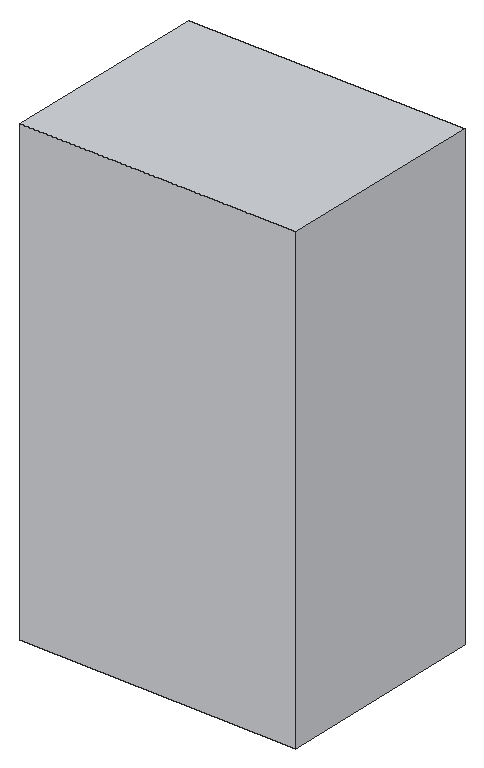
Revit family
Parameters
  Warranty Duration (Years) = 0
  Unit Length [instance] = 1' - 6"
  URL = "http://www.americanspecialties.com/viewCategories.cfm"
  Body Material [instance] = Stainless Steel
  Test Data = ""
  Trim Material [instance] = none
  Specification = "http://www.arcat.com/sdspecs/htm/10810asi.htm"
  SpecWizard = ""
  Send Message = "http://www.arcat.com/users.pl?action=UserEmail&company=American%20Specialties,%20Inc.&coid=30448&rep=139&fax=914-476-0688&mf="
  Sales Information = "http://www.americanspecialties.com/contact"
  Revision = "R1_10-2010"
  Product Properties = "http://www.americanspecialties.com/datasheets/7310.pdf"
  Product Data = "http://www.arcat.com/arcatcos/cos30/arc30448.html"
  Model = "As Specified in 10 28 13"
  Manufacturer Website = "http://www.americanspecialties.com/viewCategories.cfm"
  Manufacturer Phone - Toll Free = ""
  Manufacturer Phone = "914-476-9000 "
  Manufacturer Fax = "914-476-0688"
  Manufacturer Address = "441 Saw Mill River Rd., Yonkers, NY 10701"
  Manufacturer = "American Specialties, Inc."
  Maintenance Schedule (Months) = 0
  Keynote = "10 28 13"
  Installation-Fabrication = "http://www.americanspecialties.com/products.cfm"
  Green Building-LEED = ""
  Expected Lifespan (Years) = 0
  Drawn By = "Robert S. Weygant. CSI, CDT, SCIP"  # constant formula
  Description = "Toilet Accessory as Specified in 10 28 13"
  Default Elevation = 4' - 0"
  Copyright = "©Arcat Inc."
  Construction Details = "http://www.arcat.com/green/clients/leed_data_30448.html"
  Building Codes = "http://www.americanspecialties.com/products.cfm"
  Assembly Code = "C1030210"
Reference planes (in)
  plane 1 "Center (Front/Back)": y = -0.29112
  plane 2 "Floor Line": z = 0
  plane 3 "Center (Left/Right)": x = -0.65843
  plane 4: x = -9.65843
  plane 5: x = 8.34157
  plane 6: z = 8
  plane 7: z = 0.4375
  plane 8: z = 6.5
  plane 9: x = -9.47093
  plane 10: x = -9.84593
  plane 11: x = 8.15407
  plane 12: x = 8.52907
Forms (in)
  Extrusion 1, solid
    sketch origin (-3, -9, -6) x (0, 0, -1) y (1, 0, 0)
      loop
        line (-82, 26) -> (-82, -19.34712) -> (-6, -19.34712) -> (-6, 26) -> (-82, 26)
    from 9 to -25.60721
  Extrusion 2, solid, material "Stainless Steel" <- "Body Material"
    sketch origin (4.0073, 1.98146, 0) x (1, 0, 0) y (0, 1, 0)
      loop
        arc (-14.54073, -1.27258) -> (-14.62912, -1.30919) -> (-14.66573, -1.39758) r 0.125
        line (-14.66573, -1.39758) -> (-14.66573, -3.14758)
        arc (-14.66573, -3.14758) -> (-14.62912, -3.23597) -> (-14.54073, -3.27258) r 0.125
        line (-14.54073, -3.27258) -> (-12.79073, -3.27258)
        arc (-12.79073, -3.27258) -> (-12.70234, -3.23597) -> (-12.66573, -3.14758) r 0.125
        line (-12.66573, -3.14758) -> (-12.66573, -1.39758)
        arc (-12.66573, -1.39758) -> (-12.70234, -1.30919) -> (-12.79073, -1.27258) r 0.125
        line (-12.79073, -1.27258) -> (-14.54073, -1.27258)
    from 0 to 0.4375
  Extrusion 3, solid, material "Stainless Steel" <- "Body Material"
    sketch origin (-5.32416, 1.98146, 0) x (-1, 0, 0) y (0, -1, 0)
      loop
        line (-14.54073, 1.27258) -> (-12.79073, 1.27258)
        arc (-12.79073, 1.27258) -> (-12.70234, 1.30919) -> (-12.66573, 1.39758) r 0.125
        line (-12.66573, 1.39758) -> (-12.66573, 3.14758)
        arc (-12.66573, 3.14758) -> (-12.70234, 3.23597) -> (-12.79073, 3.27258) r 0.125
        line (-12.79073, 3.27258) -> (-14.54073, 3.27258)
        arc (-14.54073, 3.27258) -> (-14.62912, 3.23597) -> (-14.66573, 3.14758) r 0.125
        line (-14.66573, 3.14758) -> (-14.66573, 1.39758)
        arc (-14.66573, 1.39758) -> (-14.62912, 1.30919) -> (-14.54073, 1.27258) r 0.125
    from 0 to 0.4375
  Extrusion 4, solid, material "Stainless Steel" <- "Body Material"
    sketch origin (0, 0, 0) x (1, 0, 0) y (0, 1, 0)
      loop
        arc (-9.78343, 0.20888) -> (-9.87182, 0.17227) -> (-9.90843, 0.08388) r 0.125
        line (-9.90843, 0.08388) -> (-9.90843, -0.66612)
        arc (-9.90843, -0.66612) -> (-9.87182, -0.75451) -> (-9.78343, -0.79112) r 0.125
        line (-9.78343, -0.79112) -> (-9.53343, -0.79112)
        arc (-9.53343, -0.79112) -> (-9.44505, -0.75451) -> (-9.40843, -0.66612) r 0.125
        line (-9.40843, -0.66612) -> (-9.40843, 0.08388)
        arc (-9.40843, 0.08388) -> (-9.44505, 0.17227) -> (-9.53343, 0.20888) r 0.125
        line (-9.53343, 0.20888) -> (-9.78343, 0.20888)
    from 0.4375 to 8
  Extrusion 5, solid, material "Stainless Steel" <- "Body Material"
    sketch origin (-1.31687, 0, 0) x (-1, 0, 0) y (0, -1, 0)
      loop
        line (-9.78343, -0.20888) -> (-9.53343, -0.20888)
        arc (-9.53343, -0.20888) -> (-9.44505, -0.17227) -> (-9.40843, -0.08388) r 0.125
        line (-9.40843, -0.08388) -> (-9.40843, 0.66612)
        arc (-9.40843, 0.66612) -> (-9.44505, 0.75451) -> (-9.53343, 0.79112) r 0.125
        line (-9.53343, 0.79112) -> (-9.78343, 0.79112)
        arc (-9.78343, 0.79112) -> (-9.87182, 0.75451) -> (-9.90843, 0.66612) r 0.125
        line (-9.90843, 0.66612) -> (-9.90843, -0.08388)
        arc (-9.90843, -0.08388) -> (-9.87182, -0.17227) -> (-9.78343, -0.20888) r 0.125
    from 0.4375 to 8
  Extrusion 6, solid, material "Stainless Steel" <- "Body Material"
    sketch origin (-0.65843, 0, 0) x (0, 1, 0) y (0, 0, 1)
      loop
        circle (-0.29112, 7.3125) r 0.1875
      loop
        circle (-0.29112, 5.3125) r 0.1875
      loop
        circle (-0.29112, 3.3125) r 0.1875
      loop
        circle (-0.29112, 1.3125) r 0.1875
    from -9 to 9
  Sweep 7, solid, material "Stainless Steel" <- "Body Material"
    path origin (0, 0, 0) x (1, 0, 0) y (0, 1, 0)
      loop
        line (-9.65843, -0.29112) -> (-9.65843, -4.29112)
        arc (-9.65843, -4.29112) -> (-9.51199, -4.64467) -> (-9.15843, -4.79112) r 0.5
        line (-9.15843, -4.79112) -> (7.84157, -4.79112)
        arc (7.84157, -4.79112) -> (8.19512, -4.64467) -> (8.34157, -4.29112) r 0.5
        line (8.34157, -4.29112) -> (8.34157, -0.29112)
    profile origin (-9.65843, -2.29112, 0) x (1, 0, 0) y (0, 0, 1)
      loop
        circle (0, 6.5) r 0.125
  Extrusion 8, solid, material "Stainless Steel" <- "Body Material"
    sketch origin (-0.65843, 0, 0) x (0, 1, 0) y (0, 0, 1)
      loop
        line (-5.91612, 0) -> (-5.39199, 0) -> (-0.29112, 4.62899) -> (-0.29112, 4.71339) -> (-5.41612, 0.0625) -> (-5.91612, 0.0625) -> (-5.91612, 0)
    from -9.1875 to -8.8125
  Extrusion 9, solid, material "Stainless Steel" <- "Body Material"
    sketch origin (-0.65843, 0, 0) x (0, 1, 0) y (0, 0, -1)
      loop
        line (-5.91612, 0) -> (-5.91612, -0.0625) -> (-5.41612, -0.0625) -> (-0.29112, -4.71339) -> (-0.29112, -4.62899) -> (-5.39199, 0) -> (-5.91612, 0)
    from -9.1875 to -8.8125
  Extrusion 10, void
    sketch origin (0, 0, 0) x (1, 0, 0) y (0, 1, 0)
      loop
        circle (-9.65843, -5.66755) r 0.0625
    from 0 to 0.0625
  Extrusion 11, void
    sketch origin (0, 0, 0) x (1, 0, 0) y (0, 1, 0)
      loop
        circle (8.34157, -5.66612) r 0.0625
    from 0 to 0.0625
Cuts and joins
  Extrusion 10 cuts Extrusion 8
  Extrusion 11 cuts Extrusion 9
Dimensions and locks (in)
  equal spacing: plane 5, plane 3 "Center (Left/Right)", plane 4
  "Unit Length": plane 5 to plane 4
  locked: plane 4 to plane 10 at 0.1875
  locked: plane 9 to plane 4 at 0.1875
  locked: plane 12 to plane 5 at 0.1875
  locked: plane 11 to plane 5 at 0.1875
  aligned and locked: plane 6 to Extrusion 4
  aligned and locked: plane 6 to Extrusion 5
  aligned and locked: plane 7 to Extrusion 2
  aligned and locked: plane 7 to Extrusion 3
  aligned and locked: Extrusion 5 to plane 7
  aligned and locked: Extrusion 4 to plane 7
  aligned and locked: Extrusion 6 to plane 4
  aligned and locked: plane 5 to Extrusion 6
  aligned and locked: plane 1 "Center (Front/Back)" to Sweep 7 sketch curve  (x2)
  aligned and locked: plane 1 "Center (Front/Back)" to Extrusion 8 sketch curve
  aligned and locked: plane 10 to Extrusion 8
  aligned and locked: plane 9 to Extrusion 8
  aligned and locked: plane 11 to Extrusion 9
  aligned and locked: plane 12 to Extrusion 9
  aligned and locked: Extrusion 10 to level
  aligned and locked: Extrusion 8 to Extrusion 10
  aligned and locked: Extrusion 9 to Extrusion 11
Automatic sketch dimensions
  Extrusion 1 sketch curve to Extrusion 1 sketch curve = 6' - 4"
  Extrusion 1 sketch curve to Extrusion 1 sketch curve = 3' - 9.34712"
  Extrusion 2 sketch curve to plane 4 = 0' - 1"
  Extrusion 2 sketch curve to Extrusion 2 sketch curve = 0' - 0 1/8"  (x3)
  plane 4 to Extrusion 2 sketch curve = 0' - 0 7/8"  (x2)
  plane 1 "Center (Front/Back)" to Extrusion 2 sketch curve = 0' - 1"
  Extrusion 2 sketch curve to plane 1 "Center (Front/Back)" = 0' - 0 7/8"
  Extrusion 3 sketch curve to plane 5 = 0' - 1"
  Extrusion 3 sketch curve to Extrusion 3 sketch curve = 0' - 0 1/8"  (x3)
  plane 5 to Extrusion 3 sketch curve = 0' - 0 7/8"  (x2)
  Extrusion 3 sketch curve to plane 1 "Center (Front/Back)" = 0' - 1"
  plane 1 "Center (Front/Back)" to Extrusion 3 sketch curve = 0' - 0 7/8"
  Extrusion 4 sketch curve to plane 4 = 0' - 0 1/4"
  Extrusion 4 sketch curve to plane 4 = 0' - 0 1/8"  (x2)
  plane 4 to Extrusion 4 sketch curve = 0' - 0 1/8"  (x2)
  Extrusion 4 sketch curve to Extrusion 4 sketch curve = 0' - 0 1/8"
  plane 1 "Center (Front/Back)" to Extrusion 4 sketch curve = 0' - 0 1/2"
  Extrusion 4 sketch curve to plane 1 "Center (Front/Back)" = 0' - 0 3/8"
  Extrusion 5 sketch curve to plane 5 = 0' - 0 1/4"
  Extrusion 5 sketch curve to plane 5 = 0' - 0 1/8"  (x2)
  plane 5 to Extrusion 5 sketch curve = 0' - 0 1/8"  (x2)
  Extrusion 5 sketch curve to Extrusion 5 sketch curve = 0' - 0 1/8"
  Extrusion 5 sketch curve to plane 1 "Center (Front/Back)" = 0' - 0 1/2"
  plane 1 "Center (Front/Back)" to Extrusion 5 sketch curve = 0' - 0 3/8"
  Extrusion 6 sketch curve to plane 1 "Center (Front/Back)" = 0' - 0"  (x4)
  plane 7 to Extrusion 6 sketch curve = 0' - 0 7/8"
  Extrusion 6 sketch curve to Extrusion 6 sketch curve = 0' - 2"
  Extrusion 6 sketch curve to plane 8 = 0' - 1 3/16"
  Extrusion 6 sketch curve to plane 6 = 0' - 0 11/16"
  Sweep 7 sketch curve to plane 4 = 0' - 0"
  Sweep 7 sketch curve to plane 5 = 0' - 0"
  plane 4 to Sweep 7 sketch curve = 0' - 0 1/2"
  Sweep 7 sketch curve to plane 5 = 0' - 0 1/2"
  plane 1 "Center (Front/Back)" to Sweep 7 sketch curve = 0' - 4"
  Sweep 7 sketch curve to profile plane = 0' - 0"
  level to Sweep 7 sketch curve = 0' - 6 1/2"
  Extrusion 9 sketch curve to plane 1 "Center (Front/Back)" = 0' - 0"
  Extrusion 9 sketch curve to plane 8 = 0' - 1.87101"
  plane 1 "Center (Front/Back)" to Extrusion 8 sketch curve = 0' - 5.10087"
  level to Extrusion 8 sketch curve = 0' - 0 1/16"
  Extrusion 8 sketch curve to Extrusion 8 sketch curve = 0' - 0.02413"
  Extrusion 8 sketch curve to Extrusion 8 sketch curve = 0' - 0 1/2"
  Extrusion 8 sketch curve to level = 0' - 0"
  Extrusion 8 sketch curve to plane 8 = 0' - 1.87101"
  Extrusion 8 sketch curve to Extrusion 8 sketch curve = 0' - 0.0844"
  level to Extrusion 9 sketch curve = 0' - 0 1/16"
  Extrusion 9 sketch curve to Extrusion 9 sketch curve = 0' - 0.02413"
  Extrusion 9 sketch curve to level = 0' - 0"
  Extrusion 9 sketch curve to Extrusion 9 sketch curve = 0' - 0 1/2"
  Extrusion 9 sketch curve to Extrusion 9 sketch curve = 0' - 0.0844"
  plane 1 "Center (Front/Back)" to Extrusion 9 sketch curve = 0' - 5.10087"
  Extrusion 10 sketch curve to plane 4 = 0' - 0"
  plane 1 "Center (Front/Back)" to Extrusion 10 sketch curve = 0' - 5.37643"
  Extrusion 11 sketch curve to plane 5 = 0' - 0"
  plane 1 "Center (Front/Back)" to Extrusion 11 sketch curve = 0' - 5 3/8"
  radius of Extrusion 6 sketch curve = 0' - 0 3/16"  (x4)
  radius of Sweep 7 sketch curve = 0' - 0 1/8"
  radius of Extrusion 10 sketch curve = 0' - 0 1/16"
  radius of Extrusion 11 sketch curve = 0' - 0 1/16"
